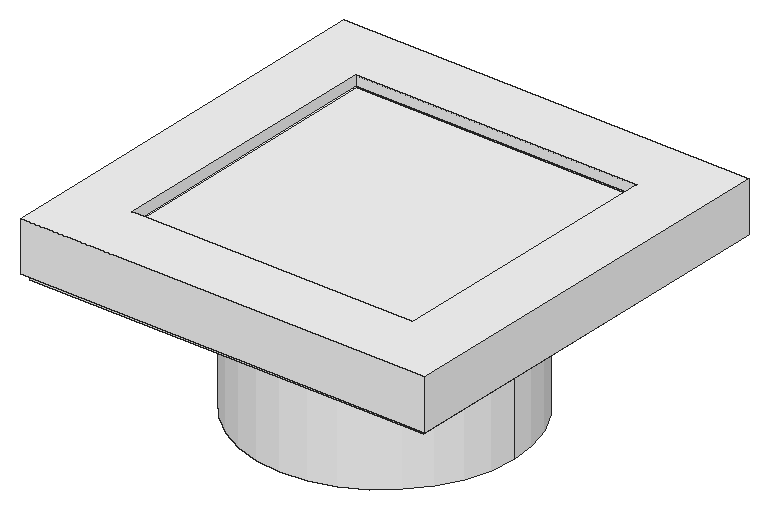
Revit family "Gira_0128600", category Electrical Fixtures, host Face, Revit 2017
Family settings
  Host = Face
  Maintain Annotation Orientation = Yes
  Round Connector Dimension = Use Diameter
  Part Type = Normal
  Cut with Voids When Loaded = No
  Shared = No
  Room Calculation Point = No
Parameters (values of type "PB sw. 2-way 2-g System 55 stainl.steel")
  With mounting plate = "No"
  Wiring system = "Alternating-/alternating switch"
  White [instance] = White
  Washing machine switch = "No"
  URL = "http://katalog.gira.de/en/datenblatt.html?artikelnr=0128600"
  Type of fastening = "Mounting with claw and screw"
  Surface protection = "Other"
  Surface finishing = "Glossy"
  Suitable for degree of protection (IP) = "IP20"
  Rated current = "10"
  Push button switch = "Yes"
  Number of rockers = "2"
  Number of modules (module system) = "1"
  Nominal voltage = "250"
  Name = "PB sw. 2-way 2-g System 55 stainl.steel"
  Mounting method = "Flush mounted (plaster)"
  Model = "Sys55_Komplettgerät_Schalten und Tasten"
  Method of operation = "Rocker/button"
  Material quality = "Stainless steel"
  Material = "Metal"
  Manufacturer URL = "https://www.gira.de/"
  Manufacturer = "Gira"
  Label space/information surface = "No"
  Illumination = "No"
  HeinzeBIM = "https://bimportal.heinze.de/bim/pb-sw-2-way-2-g-system-55-stainl-steel/c475eabdcfd9fc7a5843016431b6d699115df3e3"
  Halogen free = "No"
  HAN = "0128600"
  GTIN = "4010337021797"
  Feedback-signal contact = "No"
  Description = "PB sw.2-w 2g Sys55 SST,Pushbutton switch, 10 AX 250 V~ with rocker, 2-gang,2-way switch, 2-gang,Stainless steel,"
  Default Elevation = 1219.2 mm
  Data sheet (1) = "https://katalog.gira.de/en/download.html?artikelnr=0128600"
  Connection type = "Plug clamp"
  Colour = "Stainless steel"
  Category = "Switch"
  BIM (1) = "https://media.stage.bim.site/public/gira/36a6b08/Sys55_Komplettgerät_Schalten und Tasten.rfa?public/gira/36a6b08/Sys55_Komplettgerät_Schalten und Tasten.rfa"
  Available = "No"
  Assembly arrangement = "Basic element with central cover plate"
Reference planes
  plane 1 "Center (Front/Back)": y = 0
  plane 2: z = 0
  plane 3 "Center (Left/Right)": x = 0
Forms (mm)
  Extrusion 1, solid, material "White" <- "White", detail levels medium
    sketch origin (0, 0, 0) x (1, 0, 0) y (0, 1, 0)
      loop
        line (-40.4, 40.4) -> (-40.4, -40.4) -> (40.4, -40.4) -> (40.4, 40.4) -> (-40.4, 40.4)
      loop
        line (-28, 28) -> (-28, -28) -> (28, -28) -> (28, 28) -> (-28, 28)
    from 0 to 10
  Extrusion 2, solid, material "White" <- "White", detail levels fine
    sketch origin (0, 0, 0) x (1, 0, 0) y (0, 1, 0)
      loop
        line (-40.4, 40.4) -> (-40.4, -40.4) -> (40.4, -40.4) -> (40.4, 40.4) -> (-40.4, 40.4)
      loop
        line (-28, 28) -> (-28, -28) -> (28, -28) -> (28, 28) -> (-28, 28)
    from 0 to 10
  Extrusion 3, void
    sketch origin (0, 0, 0) x (1, 0, 0) y (0, 1, 0)
      loop
        line (-38.4, 38.4) -> (-38.4, -38.4) -> (38.4, -38.4) -> (38.4, 38.4) -> (-38.4, 38.4)
    from 0 to 8
  Extrusion 4, solid, material "White" <- "White", detail levels medium+fine
    sketch origin (0, 0, 0) x (1, 0, 0) y (0, 1, 0)
      loop
        line (-39.4, 39.4) -> (-39.4, -39.4) -> (39.4, -39.4) -> (39.4, 39.4) -> (-39.4, 39.4)
    from 0 to -1
  Extrusion 5, solid, material "White" <- "White", detail levels medium+fine
    sketch origin (0, 0, 0) x (1, 0, 0) y (0, 1, 0)
      loop
        line (-35.5, 35.5) -> (-35.5, -35.5) -> (35.5, -35.5) -> (35.5, 35.5) -> (-35.5, 35.5)
    from -2 to -3
  Extrusion 6, solid, material "White" <- "White", detail levels medium+fine
    sketch origin (0, 0, 0) x (1, 0, 0) y (0, 1, 0)
      loop
        circle (0, 0) r 26
    from 0 to -27.5
  Extrusion 7, solid, material "White" <- "White", detail levels coarse
    sketch origin (0, 0, 0) x (1, 0, 0) y (0, 1, 0)
      loop
        line (-40.4, 40.4) -> (-40.4, -40.4) -> (40.4, -40.4) -> (40.4, 40.4) -> (-40.4, 40.4)
    from -27.5 to 10
Cuts and joins
  Extrusion 3 cuts Extrusion 2
Dimensions and locks
  aligned and locked: plane 2 to host face
  aligned and locked: level to host face
  aligned and locked: plane 3 "Center (Left/Right)" to nested 2
  aligned and locked: plane 1 "Center (Front/Back)" to nested 2
Nested families
  nested 1: "Sys55_Abdeckung_Schalten und Tasten_floor_base" at (0, 0, 0), type "Sys55_Abdeckung_Schalten und Tasten_floor_base"
  nested 2: "Schalter" at (0, 0, 0), type "Schalter"
Connectors
  electrical at (0, 0, -27.5)
    settings: on Extrusion 6, index 1, voltage 220 V, apparent load 0 VA, apparent load phase1 0 VA, apparent load phase2 0 VA, apparent load phase3 0 VA, power factor 1, load classification "Other", number of poles 1, system type 30, power factor state 1, is connector primary yes, connector utility no, sub classification motor no, connector description ""
Definition of nested family "Sys55_Abdeckung_Schalten und Tasten_floor_base"
  Parameters
    Default Elevation = 1219.2 mm
    White [instance] = none
  Reference planes
    plane 1 "Center (Front/Back)": y = 0
    plane 2: z = 0
    plane 3 "Center (Left/Right)": x = 0
  Forms (mm)
    Extrusion 1, solid
      sketch origin (0, 0, 0) x (1, 0, 0) y (0, 1, 0)
        loop
          line (-1219.2, 1219.2) -> (-1219.2, -1219.2) -> (1219.2, -1219.2) -> (1219.2, 1219.2) -> (-1219.2, 1219.2)
      from 0 to -304.8
    Extrusion 2, solid, material <- "White", detail levels fine
      sketch origin (0, 0, 0) x (1, 0, 0) y (0, 1, 0)
        loop
          line (-27.5, 27.5) -> (-27.5, -27.5) -> (27.5, -27.5) -> (27.5, 27.5) -> (-27.5, 27.5)
      from 0 to 8
    Extrusion 3, void
      sketch origin (0, 0, 0) x (1, 0, 0) y (0, 1, 0)
        loop
          line (26, 26) -> (-26, 26) -> (-26, -26) -> (26, -26) -> (26, 26)
      from 0 to 6
    Extrusion 4, solid, material <- "White", detail levels medium
      sketch origin (0, 0, 0) x (1, 0, 0) y (0, 1, 0)
        loop
          line (-27.5, 27.5) -> (-27.5, -27.5) -> (27.5, -27.5) -> (27.5, 27.5) -> (-27.5, 27.5)
      from 0 to 8
    Extrusion 5, solid, material <- "White", detail levels medium
      sketch origin (0, 0, 0) x (1, 0, 0) y (0, 1, 0)
        loop
          line (11, -17.5) -> (11, 17.5) -> (-11, 17.5) -> (-11, -17.5) -> (11, -17.5)
      from -6 to 6
    Extrusion 6, solid, material <- "White", detail levels fine
      sketch origin (0, 0, 0) x (1, 0, 0) y (0, 1, 0)
        loop
          line (11, 17.5) -> (-11, 17.5) -> (-11, 16.5) -> (11, 16.5) -> (11, 17.5)
        loop
          line (-11, -16.5) -> (-11, -17.5) -> (11, -17.5) -> (11, -16.5) -> (-11, -16.5)
      from -4 to 6
    Extrusion 7, solid, material <- "White", detail levels fine
      sketch origin (0, 0, 0) x (1, 0, 0) y (0, 1, 0)
        loop
          arc (5, 9.347) -> (0, 10.6) -> (-5, 9.347) r 10.6
          line (-5, 9.347) -> (-5, -9.347)
          arc (-5, -9.347) -> (0, -10.6) -> (5, -9.347) r 10.6
          line (5, -9.347) -> (5, 9.347)
      from -6 to 6
    Extrusion 8, solid, material <- "White", detail levels coarse
      sketch origin (0, 0, 0) x (1, 0, 0) y (0, 1, 0)
        loop
          line (-27.5, 27.5) -> (-27.5, -27.5) -> (27.5, -27.5) -> (27.5, 27.5) -> (-27.5, 27.5)
      from -6 to 8
  Cuts and joins
    Extrusion 3 cuts Extrusion 2
  Dimensions and locks
    aligned and locked: plane 2 to Extrusion 1
    aligned and locked: level to Extrusion 1
Definition of nested family "Schalter"
  Reference planes
    plane 1: y = 0
    plane 2: x = 0
  Lines and regions (mm)
    detail lines
      curve 1: circle (1.375, 2.778, 0) r 0.8 normal (0, 0, 1)
      curve 2: line (1.021, 2.061, 0) -> (0, 0, 0)
      curve 3: line (0, 0, 0) -> (-0.538, 0.266, 0)
  Dimensions and locks
    curve 2 to curve 2 = 2.3 mm
    curve 3 to curve 2 = 0.6 mm
    radius of curve 1 = 0.8 mm
